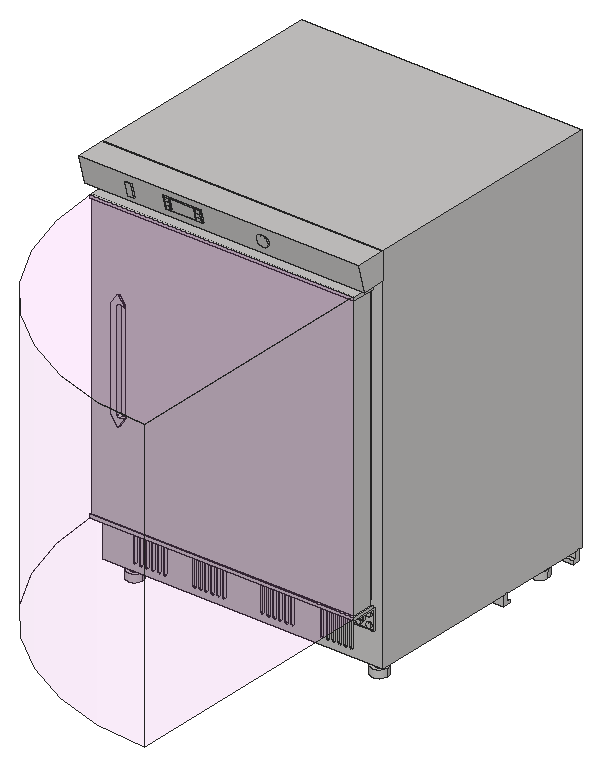
Revit family "QF_Kelvinator_738323_KCHUC23R_1-Solid_Door_ADA_Height_Under_Counter_Refrigerator_24_Long", category Specialty Equipment, Revit 2021
Family settings
  Round Connector Dimension = Use Diameter
  Part Type = Normal
  Work Plane-Based = No
  Always vertical = Yes
  Cut with Voids When Loaded = No
  Shared = No
  Room Calculation Point = No
Parameters
  Weight in Pounds = 92.594
  Watts = 200 W
  Volts = 115 V
  URL Cutsheet = ""
  Specification by User = ""
  Specification by Manufacturer = ""
  Serial Number = ""
  Seismic Rating = ""
  SMACNA No = ""
  Revision Code = ""
  Refrigerant Type = "R600a"
  Phase = 1
  Number of Poles = 1
  NAFEM Spec ID Number = ""
  Model = "738323 (KCHUC23R)"
  Min Ckt Ampacity = 0 A
  Max Overcurrent Protection = 0 A
  Masterspec = ""
  Manufacturer = "Kelvinator Commercial"
  Length = 23.622"
  Item Number = "738323"
  Installed By = ""
  Identify Quantity as Lot = yes
  Height = 33 1/16"
  HP = "1/12"
  Furnished By = ""
  Foodservice Equipment Identifier = yes
  FL Amps = 2 A
  Electrical Remarks = ""
  Electric Connection Type = ""
  Elec Conn RI Height = 0"
  Elec Conn Connection Height = 0"
  Description = "1_Solid Door ADA Height Under Counter Refrigerator 24\" Long"
  Depth = 23.425"
  Default Elevation = 0"
  Cycle = 60 Hz
  Conn Plug = "5-15P"
  Conn Conduit = yes
  CSI MasterFormat = ""
  Apparent Power = 0 VA
Reference planes (in)
  plane 1 "BACK": y = 0
  plane 2: z = 0
  plane 3 "LEFT": x = 0
  plane 4 "RIGHT": x = 23.622
  plane 5 "FRONT": y = -23.425
  plane 6 "TOP": z = 33.0625
  plane 7 "Center Y": x = 11.811
  plane 8 "Center X": y = -11.7125
Dimensions and locks (in)
  equal spacing: plane 3 "LEFT", plane 7 "Center Y", plane 4 "RIGHT"
  "Length": plane 3 "LEFT" to plane 4 "RIGHT"
  equal spacing: plane 5 "FRONT", plane 8 "Center X", plane 1 "BACK"
  "Depth": plane 5 "FRONT" to plane 1 "BACK"
  "Height": plane 6 "TOP" to level
  aligned and locked: level to plane 2
Nested families (in)
  nested 1: "KCHRI25R1DRE" at (0, 0, 0), type "KCHRI25R1DRE"
    with Show Clearance yes
Connectors (in)
  electrical at (11.8125, 0.13, 2.5), driven by "Volts", driven by "Watts"
    settings: on nested 1, index 1, voltage 115 V, apparent load 200 VA, apparent load phase1 0 VA, apparent load phase2 0 VA, apparent load phase3 0 VA, power factor 1, load classification "Other", number of poles 1, system type 30, power factor state 1, is connector primary yes, connector utility no, sub classification motor no, connector description ""
Definition of nested family "KCHRI25R1DRE"
  Parameters (values of type "KCHRI25R1DRE")
    Weight in Pounds = 0
    URL Cutsheet = ""
    Specification by User = ""
    Specification by Manufacturer = ""
    Show Clearance [instance] = yes
    Serial Number = ""
    Seismic Rating = ""
    SMACNA No = ""
    Revision Code = ""
    NAFEM Spec ID Number = ""
    Masterspec = ""
    Length = 23 5/8"
    Item Number = ""
    Installed By = ""
    Identify Quantity as Lot = yes
    Height = 33 1/16"
    Furnished By = ""
    Foodservice Equipment Identifier = yes
    Depth = 23 7/16"
    Default Elevation = 0"
    CSI MasterFormat = ""
  Reference planes (in)
    plane 1 "BACK": y = 0
    plane 2: z = 0
    plane 3 "LEFT": x = 0
    plane 4 "RIGHT": x = 23.625
    plane 5 "FRONT": y = -23.4375
    plane 6 "TOP": z = 33.0625
    plane 7 "Center Y": x = 11.8125
    plane 8 "Center X": y = -11.71875
    plane 9: y = -45.07
    plane 10: z = 30.79125
    plane 11: z = 2
    plane 12: y = -20.9
    plane 13: through (0, -24.0379, 35.3373) normal (0, 0.9659, 0.2588)
  Forms (in)
    Extrusion 1, solid
      sketch origin (0, 0, 0) x (0, 1, 0) y (0, 0, 1)
        loop
          line (-20.9, 33.0625) -> (-20.9, 1.5) -> (0, 1.5) -> (0, 33.0625) -> (-20.9, 33.0625)
      from 0 to 23.625
    Extrusion 2, solid
      sketch origin (0, -24.06217, 35.42785) x (0, -0.258819, 0.965926) y (1, 0, 0)
        loop
          line (-3.01321, 6.99749) -> (-3.01321, 10.1471) -> (-4.19431, 10.1471) -> (-4.19431, 6.99749) -> (-3.01321, 6.99749)
        loop
          line (-3.08986, 7.07623) -> (-3.08986, 7.46993) -> (-3.409, 7.46993) -> (-3.409, 7.07623) -> (-3.08986, 7.07623)
        loop
          line (-3.44419, 7.07623) -> (-3.44419, 7.46993) -> (-3.76333, 7.46993) -> (-3.76333, 7.07623) -> (-3.44419, 7.07623)
        loop
          line (-3.79852, 7.07623) -> (-3.79852, 7.46993) -> (-4.11766, 7.46993) -> (-4.11766, 7.07623) -> (-3.79852, 7.07623)
        loop
          line (-3.08986, 10.06836) -> (-3.409, 10.06836) -> (-3.409, 9.67466) -> (-3.08986, 9.67466) -> (-3.08986, 10.06836)
        loop
          line (-3.44419, 10.06836) -> (-3.76333, 10.06836) -> (-3.76333, 9.67466) -> (-3.44419, 9.67466) -> (-3.44419, 10.06836)
        loop
          line (-3.79852, 10.06836) -> (-4.11766, 10.06836) -> (-4.11766, 9.67466) -> (-3.79852, 9.67466) -> (-3.79852, 10.06836)
        loop
          line (-3.08986, 7.54742) -> (-3.08986, 9.59717) -> (-4.11377, 9.59717) -> (-4.11377, 7.54742) -> (-3.08986, 7.54742)
      from -0.01314 to -0.04602
    Extrusion 3, solid
      sketch origin (0, -24.06217, 35.42785) x (0, -0.258819, 0.965926) y (1, 0, 0)
        loop
          line (-3.08986, 9.67466) -> (-3.08986, 10.06836) -> (-3.409, 10.06836) -> (-3.409, 9.67466) -> (-3.08986, 9.67466)
        loop
          line (-3.44419, 9.67466) -> (-3.44419, 10.06836) -> (-3.76333, 10.06836) -> (-3.76333, 9.67466) -> (-3.44419, 9.67466)
        loop
          line (-3.79852, 9.67466) -> (-3.79852, 10.06836) -> (-4.11766, 10.06836) -> (-4.11766, 9.67466) -> (-3.79852, 9.67466)
        loop
          line (-3.08986, 7.46993) -> (-3.409, 7.46993) -> (-3.409, 7.07623) -> (-3.08986, 7.07623) -> (-3.08986, 7.46993)
        loop
          line (-3.44419, 7.46993) -> (-3.76333, 7.46993) -> (-3.76333, 7.07623) -> (-3.44419, 7.07623) -> (-3.44419, 7.46993)
        loop
          line (-3.79852, 7.46993) -> (-4.11766, 7.46993) -> (-4.11766, 7.07623) -> (-3.79852, 7.07623) -> (-3.79852, 7.46993)
      from 0 to -0.07874
    Extrusion 4, solid
      sketch origin (0, -24.06217, 35.42785) x (0, -0.258819, 0.965926) y (1, 0, 0)
        loop
          line (-3.08986, 7.54742) -> (-3.08986, 9.59717) -> (-4.11377, 9.59717) -> (-4.11377, 7.54742) -> (-3.08986, 7.54742)
      from 0 to -0.07874
    Extrusion 5, solid
      sketch origin (0, 0, -4.4425) x (0, 1, 0) y (0, 0, 1)
        loop
          line (-20.9, 37.505) -> (-23.4375, 37.505) -> (-22.83729, 35.23375) -> (-20.9, 35.23375) -> (-20.9, 37.505)
      from 0 to 23.625
    Extrusion 6, solid
      sketch origin (0, -23.70629, 34.09971) x (0, -0.258819, 0.965926) y (1, 0, 0)
        loop
          line (-1.71796, 3.80686) -> (-1.71796, 4.30686) -> (-2.96796, 4.30686) -> (-2.96796, 3.80686) -> (-1.71796, 3.80686)
        loop
          circle (-2.26997, 15.28125) r 0.5
      from -0.07874 to -0.01314
    Extrusion 7, void
      sketch origin (0, -20.9, 1.75) x (0, 0, -1) y (-1, 0, 0)
        loop
          line (-0.5, -2.59375) -> (-3.3125, -2.59375)
          arc (-3.3125, -2.59375) -> (-3.47585, -2.7571) -> (-3.3125, -2.92044) r 0.16335
          line (-3.3125, -2.92044) -> (-0.5, -2.92044)
          arc (-0.5, -2.92044) -> (-0.33665, -2.7571) -> (-0.5, -2.59375) r 0.16335
        loop
          line (-0.5, -3.09375) -> (-3.3125, -3.09375)
          arc (-3.3125, -3.09375) -> (-3.47585, -3.2571) -> (-3.3125, -3.42044) r 0.16335
          line (-3.3125, -3.42044) -> (-0.5, -3.42044)
          arc (-0.5, -3.42044) -> (-0.33665, -3.2571) -> (-0.5, -3.09375) r 0.16335
        loop
          line (-0.5, -3.59375) -> (-3.3125, -3.59375)
          arc (-3.3125, -3.59375) -> (-3.47585, -3.7571) -> (-3.3125, -3.92044) r 0.16335
          line (-3.3125, -3.92044) -> (-0.5, -3.92044)
          arc (-0.5, -3.92044) -> (-0.33665, -3.7571) -> (-0.5, -3.59375) r 0.16335
        loop
          line (-0.5, -4.09375) -> (-3.3125, -4.09375)
          arc (-3.3125, -4.09375) -> (-3.47585, -4.2571) -> (-3.3125, -4.42044) r 0.16335
          line (-3.3125, -4.42044) -> (-0.5, -4.42044)
          arc (-0.5, -4.42044) -> (-0.33665, -4.2571) -> (-0.5, -4.09375) r 0.16335
        loop
          line (-0.5, -4.59375) -> (-3.3125, -4.59375)
          arc (-3.3125, -4.59375) -> (-3.47585, -4.7571) -> (-3.3125, -4.92044) r 0.16335
          line (-3.3125, -4.92044) -> (-0.5, -4.92044)
          arc (-0.5, -4.92044) -> (-0.33665, -4.7571) -> (-0.5, -4.59375) r 0.16335
        loop
          line (-0.5, -5.09375) -> (-3.3125, -5.09375)
          arc (-3.3125, -5.09375) -> (-3.47585, -5.2571) -> (-3.3125, -5.42044) r 0.16335
          line (-3.3125, -5.42044) -> (-0.5, -5.42044)
          arc (-0.5, -5.42044) -> (-0.33665, -5.2571) -> (-0.5, -5.09375) r 0.16335
        loop
          line (-0.5, -7.59375) -> (-3.3125, -7.59375)
          arc (-3.3125, -7.59375) -> (-3.47585, -7.7571) -> (-3.3125, -7.92044) r 0.16335
          line (-3.3125, -7.92044) -> (-0.5, -7.92044)
          arc (-0.5, -7.92044) -> (-0.33665, -7.7571) -> (-0.5, -7.59375) r 0.16335
        loop
          line (-0.5, -8.09375) -> (-3.3125, -8.09375)
          arc (-3.3125, -8.09375) -> (-3.47585, -8.2571) -> (-3.3125, -8.42044) r 0.16335
          line (-3.3125, -8.42044) -> (-0.5, -8.42044)
          arc (-0.5, -8.42044) -> (-0.33665, -8.2571) -> (-0.5, -8.09375) r 0.16335
        loop
          line (-0.5, -8.59375) -> (-3.3125, -8.59375)
          arc (-3.3125, -8.59375) -> (-3.47585, -8.7571) -> (-3.3125, -8.92044) r 0.16335
          line (-3.3125, -8.92044) -> (-0.5, -8.92044)
          arc (-0.5, -8.92044) -> (-0.33665, -8.7571) -> (-0.5, -8.59375) r 0.16335
        loop
          line (-0.5, -9.09375) -> (-3.3125, -9.09375)
          arc (-3.3125, -9.09375) -> (-3.47585, -9.2571) -> (-3.3125, -9.42044) r 0.16335
          line (-3.3125, -9.42044) -> (-0.5, -9.42044)
          arc (-0.5, -9.42044) -> (-0.33665, -9.2571) -> (-0.5, -9.09375) r 0.16335
        loop
          line (-0.5, -9.59375) -> (-3.3125, -9.59375)
          arc (-3.3125, -9.59375) -> (-3.47585, -9.7571) -> (-3.3125, -9.92044) r 0.16335
          line (-3.3125, -9.92044) -> (-0.5, -9.92044)
          arc (-0.5, -9.92044) -> (-0.33665, -9.7571) -> (-0.5, -9.59375) r 0.16335
        loop
          line (-0.5, -10.09375) -> (-3.3125, -10.09375)
          arc (-3.3125, -10.09375) -> (-3.47585, -10.2571) -> (-3.3125, -10.42044) r 0.16335
          line (-3.3125, -10.42044) -> (-0.5, -10.42044)
          arc (-0.5, -10.42044) -> (-0.33665, -10.2571) -> (-0.5, -10.09375) r 0.16335
        loop
          arc (-0.5, -21.15625) -> (-0.33665, -20.9929) -> (-0.5, -20.82956) r 0.16335
          line (-0.5, -20.82956) -> (-3.3125, -20.82956)
          arc (-3.3125, -20.82956) -> (-3.47585, -20.9929) -> (-3.3125, -21.15625) r 0.16335
          line (-3.3125, -21.15625) -> (-0.5, -21.15625)
        loop
          arc (-0.5, -20.65625) -> (-0.33665, -20.4929) -> (-0.5, -20.32956) r 0.16335
          line (-0.5, -20.32956) -> (-3.3125, -20.32956)
          arc (-3.3125, -20.32956) -> (-3.47585, -20.4929) -> (-3.3125, -20.65625) r 0.16335
          line (-3.3125, -20.65625) -> (-0.5, -20.65625)
        loop
          arc (-0.5, -20.15625) -> (-0.33665, -19.9929) -> (-0.5, -19.82956) r 0.16335
          line (-0.5, -19.82956) -> (-3.3125, -19.82956)
          arc (-3.3125, -19.82956) -> (-3.47585, -19.9929) -> (-3.3125, -20.15625) r 0.16335
          line (-3.3125, -20.15625) -> (-0.5, -20.15625)
        loop
          arc (-0.5, -19.65625) -> (-0.33665, -19.4929) -> (-0.5, -19.32956) r 0.16335
          line (-0.5, -19.32956) -> (-3.3125, -19.32956)
          arc (-3.3125, -19.32956) -> (-3.47585, -19.4929) -> (-3.3125, -19.65625) r 0.16335
          line (-3.3125, -19.65625) -> (-0.5, -19.65625)
        loop
          arc (-0.5, -19.15625) -> (-0.33665, -18.9929) -> (-0.5, -18.82956) r 0.16335
          line (-0.5, -18.82956) -> (-3.3125, -18.82956)
          arc (-3.3125, -18.82956) -> (-3.47585, -18.9929) -> (-3.3125, -19.15625) r 0.16335
          line (-3.3125, -19.15625) -> (-0.5, -19.15625)
        loop
          arc (-0.5, -18.65625) -> (-0.33665, -18.4929) -> (-0.5, -18.32956) r 0.16335
          line (-0.5, -18.32956) -> (-3.3125, -18.32956)
          arc (-3.3125, -18.32956) -> (-3.47585, -18.4929) -> (-3.3125, -18.65625) r 0.16335
          line (-3.3125, -18.65625) -> (-0.5, -18.65625)
        loop
          arc (-0.5, -16.15625) -> (-0.33665, -15.9929) -> (-0.5, -15.82956) r 0.16335
          line (-0.5, -15.82956) -> (-3.3125, -15.82956)
          arc (-3.3125, -15.82956) -> (-3.47585, -15.9929) -> (-3.3125, -16.15625) r 0.16335
          line (-3.3125, -16.15625) -> (-0.5, -16.15625)
        loop
          arc (-0.5, -15.65625) -> (-0.33665, -15.4929) -> (-0.5, -15.32956) r 0.16335
          line (-0.5, -15.32956) -> (-3.3125, -15.32956)
          arc (-3.3125, -15.32956) -> (-3.47585, -15.4929) -> (-3.3125, -15.65625) r 0.16335
          line (-3.3125, -15.65625) -> (-0.5, -15.65625)
        loop
          arc (-0.5, -15.15625) -> (-0.33665, -14.9929) -> (-0.5, -14.82956) r 0.16335
          line (-0.5, -14.82956) -> (-3.3125, -14.82956)
          arc (-3.3125, -14.82956) -> (-3.47585, -14.9929) -> (-3.3125, -15.15625) r 0.16335
          line (-3.3125, -15.15625) -> (-0.5, -15.15625)
        loop
          arc (-0.5, -14.65625) -> (-0.33665, -14.4929) -> (-0.5, -14.32956) r 0.16335
          line (-0.5, -14.32956) -> (-3.3125, -14.32956)
          arc (-3.3125, -14.32956) -> (-3.47585, -14.4929) -> (-3.3125, -14.65625) r 0.16335
          line (-3.3125, -14.65625) -> (-0.5, -14.65625)
        loop
          arc (-0.5, -14.15625) -> (-0.33665, -13.9929) -> (-0.5, -13.82956) r 0.16335
          line (-0.5, -13.82956) -> (-3.3125, -13.82956)
          arc (-3.3125, -13.82956) -> (-3.47585, -13.9929) -> (-3.3125, -14.15625) r 0.16335
          line (-3.3125, -14.15625) -> (-0.5, -14.15625)
        loop
          arc (-0.5, -13.65625) -> (-0.33665, -13.4929) -> (-0.5, -13.32956) r 0.16335
          line (-0.5, -13.32956) -> (-3.3125, -13.32956)
          arc (-3.3125, -13.32956) -> (-3.47585, -13.4929) -> (-3.3125, -13.65625) r 0.16335
          line (-3.3125, -13.65625) -> (-0.5, -13.65625)
      from 0 to 0.03
    Extrusion 8, solid
      sketch origin (0, 0, 0) x (0, 1, 0) y (0, 0, 1)
        loop
          line (-0.25, 1.5) -> (-0.55, 1.5) -> (-0.55, 0.9) -> (-0.85, 0.9) -> (-0.85, 0.6) -> (-0.25, 0.6) -> (-0.25, 1.5)
        loop
          line (-8.15042, 1.5) -> (-8.15042, 0.6) -> (-7.55042, 0.6) -> (-7.55042, 0.9) -> (-7.85042, 0.9) -> (-7.85042, 1.5) -> (-8.15042, 1.5)
      from 0 to 23.625
    Extrusion 9, solid
      sketch origin (11.8125, 6.90541, 48.75) x (0, 1, 0) y (0, 0, 1)
        loop
          line (-28.19541, -18.9375) -> (-28.19541, -42.37723) -> (-27.80541, -42.37723) -> (-27.80541, -18.9375) -> (-28.19541, -18.9375)
      from -10.75 to 10.75
    Extrusion 10, solid
      sketch origin (23.225, -180, 5.74631) x (0, 0, 1) y (0, -1, 0)
        loop
          arc (0.13369, -157.43003) -> (0.06869, -157.36503) -> (0.00369, -157.43003) r 0.065
          line (0.00369, -157.43003) -> (0.00369, -158.97) -> (-1.53049, -158.97)
          arc (-1.53049, -158.97) -> (-1.59549, -159.035) -> (-1.53049, -159.1) r 0.065
          line (-1.53049, -159.1) -> (0.13369, -159.1) -> (0.13369, -157.43003)
      from -0.28875 to -1.93696
    Extrusion 11, solid
      sketch origin (23.225, -21.03, 5.88) x (0, 0, -1) y (1, 0, 0)
        loop
          circle (0.48805, -0.65854) r 0.19641
        loop
          circle (0.48805, -1.51195) r 0.2
        loop
          circle (1.33739, -0.65854) r 0.2
        loop
          circle (1.33739, -1.51195) r 0.2
        loop
          line (1.13, -1.16094) -> (1.13, -1.06477) -> (0.13, -1.06477) -> (0.13, -1.16094) -> (1.13, -1.16094)
      from 0 to 0.0825
    Extrusion 12, solid
      sketch origin (0, -20.9, 2.25) x (0, 0, 1) y (-1, 0, 0)
        loop
          circle (3.14195, -1.05854) r 0.19641
        loop
          circle (3.14195, -1.91195) r 0.2
        loop
          circle (2.29261, -1.05854) r 0.2
        loop
          circle (2.29261, -1.91195) r 0.2
      from 0 to 0.0825
    Revolve 13, solid
      sketch origin (0, -19.42, 1.5) x (0, 0, 1) y (1, 0, 0)
        loop
          line (0, 22.125) -> (0, 22.4375) -> (-0.9, 22.4375) -> (-0.9, 22.8125) -> (-1.5, 22.8125) -> (-1.5, 22.125) -> (0, 22.125)
        axis (-1.5, 22.125) -> (0, 22.125)
      angle from 0 to 360
    Revolve 14, solid
      sketch origin (23.625, -19.42, 1.5) x (0, 0, 1) y (1, 0, 0)
        loop
          line (0, -22.125) -> (-1.5, -22.125) -> (-1.5, -22.8125) -> (-0.9, -22.8125) -> (-0.9, -22.4375) -> (0, -22.4375) -> (0, -22.125)
        axis (-1.5, -22.125) -> (0, -22.125)
      angle from 0 to 360
    Revolve 15, solid
      sketch origin (0, -2.5, 1.5) x (0, 0, 1) y (-1, 0, 0)
        loop
          line (0, -22.125) -> (-1.5, -22.125) -> (-1.5, -22.8125) -> (-0.9, -22.8125) -> (-0.9, -22.4375) -> (0, -22.4375) -> (0, -22.125)
        axis (-1.5, -22.125) -> (0, -22.125)
      angle from 0 to 360
    Revolve 16, solid
      sketch origin (23.625, -2.5, 1.5) x (0, 0, 1) y (-1, 0, 0)
        loop
          line (0, 22.125) -> (0, 22.4375) -> (-0.9, 22.4375) -> (-0.9, 22.8125) -> (-1.5, 22.8125) -> (-1.5, 22.125) -> (0, 22.125)
        axis (-1.5, 22.125) -> (0, 22.125)
      angle from 0 to 360
    Extrusion 17, solid
      sketch origin (0, 0, 33.0625) x (0, 0, -1) y (-1, 0, 0)
        loop
          circle (30.5625, -11.8125) r 0.25
      from 0 to 0.13
  Cuts and joins
    Extrusion 7 cuts Extrusion 5
    Extrusion 7 cuts Extrusion 1
  Lines and regions (in)
    symbolic lines
      curve 1: line (0, -23.4375, 0) -> (0, 0, 0)
      curve 2: line (23.625, 0, 0) -> (0, 0, 0)
      curve 3: line (23.625, -23.4375, 0) -> (23.625, 0, 0)
      curve 4: line (23.625, -20.9, 0) -> (0, -20.9, 0)
      curve 5: line (0, -23.4375, 0) -> (23.625, -23.4375, 0)
      curve 6: line (3.80686, -23.4975, 0) -> (4.30686, -23.4975, 0)
      curve 7: line (4.30686, -23.4975, 0) -> (4.30686, -23.4375, 0)
      curve 8: line (3.80686, -23.4975, 0) -> (3.80686, -23.4375, 0)
      curve 9: line (6.65374, -23.48352, 0) -> (9.80335, -23.48352, 0)
      curve 10: line (9.80335, -23.48352, 0) -> (9.80335, -23.4375, 0)
      curve 11: line (6.65374, -23.48352, 0) -> (6.65374, -23.4375, 0)
      curve 12: line (11.3125, -23.4975, 0) -> (12.3125, -23.4975, 0)
      curve 13: line (12.3125, -23.4975, 0) -> (12.3125, -23.4375, 0)
      curve 14: line (11.3125, -23.4975, 0) -> (11.3125, -23.4375, 0)
  Dimensions and locks (in)
    equal spacing: plane 3 "LEFT", plane 7 "Center Y", plane 4 "RIGHT"
    "Length": plane 3 "LEFT" to plane 4 "RIGHT"
    equal spacing: plane 5 "FRONT", plane 8 "Center X", plane 1 "BACK"
    "Depth": plane 5 "FRONT" to plane 1 "BACK"
    "Height": plane 6 "TOP" to level
    plane 9 to plane 1 "BACK" = 45.07"
    plane 6 "TOP" to level = 33 1/16"
    plane 3 "LEFT" to plane 4 "RIGHT" = 23 5/8"
    plane 5 "FRONT" to plane 1 "BACK" = 23 7/16"
    plane 12 to plane 1 "BACK" = 20.9"
    aligned and locked: level to plane 2
    aligned and locked: Extrusion 8 to plane 4 "RIGHT"
  Automatic sketch dimensions
    Extrusion 1 sketch curve to plane 12 = 0"
    Extrusion 1 sketch curve to plane 1 "BACK" = 0"
    Extrusion 1 sketch curve to plane 6 "TOP" = 0"
    level to Extrusion 1 sketch curve = 1 1/2"
    Extrusion 2 sketch curve to plane 7 "Center Y" = 4.81501"
    Extrusion 2 sketch curve to Extrusion 2 sketch curve = 0.07665"  (x3)
    Extrusion 2 sketch curve to Extrusion 2 sketch curve = 1/256"
    Extrusion 2 sketch curve to Extrusion 2 sketch curve = 0.31914"  (x6)
    Extrusion 2 sketch curve to Extrusion 2 sketch curve = 0.03519"  (x4)
    Extrusion 2 sketch curve to Extrusion 2 sketch curve = 0"  (x7)
    Extrusion 2 sketch curve to Extrusion 2 sketch curve = 0.07874"  (x3)
    Extrusion 2 sketch curve to Extrusion 2 sketch curve = 0.3937"  (x2)
    Extrusion 2 sketch curve to Extrusion 2 sketch curve = 0.07748"  (x3)
    Extrusion 2 sketch curve to Extrusion 2 sketch curve = 2.04976"
    Extrusion 3 sketch curve to plane 7 "Center Y" = 4.73627"
    Extrusion 3 sketch curve to Extrusion 3 sketch curve = 0"  (x9)
    Extrusion 3 sketch curve to Extrusion 3 sketch curve = 0.31914"  (x6)
    Extrusion 3 sketch curve to Extrusion 3 sketch curve = 0.03519"  (x4)
    Extrusion 3 sketch curve to Extrusion 3 sketch curve = 0.3937"  (x2)
    Extrusion 3 sketch curve to plane 7 "Center Y" = 2.13784"
    Extrusion 4 sketch curve to plane 7 "Center Y" = 4.26508"
    Extrusion 4 sketch curve to Extrusion 4 sketch curve = 1.02391"
    Extrusion 4 sketch curve to Extrusion 4 sketch curve = 2.04976"
    plane 3 "LEFT" to Extrusion 6 sketch curve = 4.30686"
    plane 7 "Center Y" to Extrusion 6 sketch curve = 3 15/32"
    Extrusion 6 sketch curve to Extrusion 6 sketch curve = 0.69799"
    Extrusion 6 sketch curve to Extrusion 6 sketch curve = 1 1/4"
    Extrusion 6 sketch curve to Extrusion 6 sketch curve = 1/2"
    plane 3 "LEFT" to Extrusion 7 sketch curve = 2 19/32"
    level to Extrusion 7 sketch curve = 5 1/16"  (x2)
    plane 7 "Center Y" to Extrusion 7 sketch curve = 1.6804"
    Extrusion 7 sketch curve to Extrusion 7 sketch curve = 0"  (x42)
    Extrusion 7 sketch curve to Extrusion 7 sketch curve = 2 13/16"  (x4)
    Extrusion 7 sketch curve to Extrusion 7 sketch curve = 0.16335"  (x23)
    Extrusion 7 sketch curve to Extrusion 7 sketch curve = 0.17331"  (x20)
    Extrusion 7 sketch curve to Extrusion 7 sketch curve = 2.17331"  (x2)
    Extrusion 7 sketch curve to plane 7 "Center Y" = 1.39206"
    level to Extrusion 8 sketch curve = 1 1/2"  (x2)
    plane 8 "Center X" to Extrusion 8 sketch curve = 3.56833"
    Extrusion 8 sketch curve to Extrusion 8 sketch curve = 0.3"  (x5)
    plane 1 "BACK" to Extrusion 8 sketch curve = 0.85"
    plane 1 "BACK" to Extrusion 8 sketch curve = 1/4"
    Extrusion 8 sketch curve to Extrusion 8 sketch curve = 0.6"  (x2)
    Extrusion 9 sketch curve to plane 12 = 0"
    Extrusion 9 sketch curve to Extrusion 9 sketch curve = 0.39"
    level to Extrusion 9 sketch curve = 6.37277"
    Extrusion 9 sketch curve to plane 6 "TOP" = 3 1/4"
    Extrusion 10 sketch curve to plane 12 = 0"
    Extrusion 10 sketch curve to plane 12 = 0.13"
    level to Extrusion 10 sketch curve = 4.21581"
    Extrusion 10 sketch curve to Extrusion 10 sketch curve = 1.53419"
    Extrusion 10 sketch curve to Extrusion 10 sketch curve = 0.065"
    Extrusion 10 sketch curve to plane 5 "FRONT" = 0.86753"
    Extrusion 11 sketch curve to Extrusion 10 = 0"
    Extrusion 10 to Extrusion 11 sketch curve = 0.35805"  (x2)
    Extrusion 11 sketch curve to Extrusion 10 = 0.53419"
    Extrusion 11 sketch curve to Extrusion 10 = 0.3268"  (x2)
    Extrusion 10 to Extrusion 11 sketch curve = 0.42502"  (x2)
    Extrusion 11 sketch curve to Extrusion 11 sketch curve = 0.351"
    Extrusion 11 sketch curve to Extrusion 11 sketch curve = 0.09617"
    Extrusion 10 to Extrusion 11 sketch curve = 0.36979"  (x2)
    Extrusion 1 to Extrusion 12 sketch curve = 1.05854"
    Extrusion 12 sketch curve to Extrusion 1 = 3.04261"
    Extrusion 12 sketch curve to Extrusion 12 sketch curve = 0"  (x3)
    Extrusion 12 sketch curve to Extrusion 12 sketch curve = 0.84934"  (x2)
    Extrusion 12 sketch curve to Extrusion 12 sketch curve = 0.8534"
    Revolve 13 sketch curve to level = 0"  (x2)
    level to Revolve 13 sketch curve = 0.6"
    Revolve 13 sketch curve to Revolve 13 sketch curve = 0.9"
    plane 4 "RIGHT" to Revolve 13 sketch curve = 1 1/2"
    Revolve 13 sketch curve to Revolve 13 sketch curve = 5/16"
    Revolve 13 sketch curve to Revolve 13 sketch curve = 11/16"
    Revolve 13 sketch curve to Revolve 13 sketch curve = 0.36907"
    Revolve 13 sketch curve to Revolve 13 sketch curve = 0"
    Revolve 14 sketch curve to level = 0"  (x2)
    level to Revolve 14 sketch curve = 0.6"
    Revolve 14 sketch curve to Revolve 14 sketch curve = 0.9"
    plane 3 "LEFT" to Revolve 14 sketch curve = 13/16"
    Revolve 14 sketch curve to Revolve 14 sketch curve = 3/8"
    Revolve 14 sketch curve to Revolve 14 sketch curve = 5/16"
    Revolve 14 sketch curve to Revolve 14 sketch curve = 0.36907"
    Revolve 14 sketch curve to Revolve 14 sketch curve = 0"
    Revolve 15 sketch curve to level = 0"  (x2)
    level to Revolve 15 sketch curve = 0.6"
    Revolve 15 sketch curve to Revolve 15 sketch curve = 0.9"
    plane 4 "RIGHT" to Revolve 15 sketch curve = 13/16"
    Revolve 15 sketch curve to Revolve 15 sketch curve = 3/8"
    Revolve 15 sketch curve to Revolve 15 sketch curve = 5/16"
    Revolve 15 sketch curve to Revolve 15 sketch curve = 0.36907"
    Revolve 15 sketch curve to Revolve 15 sketch curve = 0"
    Revolve 16 sketch curve to level = 0"  (x2)
    level to Revolve 16 sketch curve = 0.6"
    Revolve 16 sketch curve to Revolve 16 sketch curve = 0.9"
    plane 3 "LEFT" to Revolve 16 sketch curve = 1 1/2"
    Revolve 16 sketch curve to Revolve 16 sketch curve = 5/16"
    Revolve 16 sketch curve to Revolve 16 sketch curve = 11/16"
    Revolve 16 sketch curve to Revolve 16 sketch curve = 0.36907"
    Revolve 16 sketch curve to Revolve 16 sketch curve = 0"
    plane 1 "BACK" to curve 1 = 0"
    curve 1 to plane 3 "LEFT" = 0"
    plane 5 "FRONT" to curve 8 = 0"
    curve 3 to plane 4 "RIGHT" = 0"
    curve 4 to plane 12 = 0"
    plane 5 "FRONT" to curve 6 = 0.06"
    plane 3 "LEFT" to curve 6 = 3.80686"
    curve 6 to curve 7 = 1/2"
    plane 5 "FRONT" to curve 9 = 0.04602"
    curve 6 to curve 9 = 2.34688"
    curve 10 to plane 7 "Center Y" = 2.00915"
    plane 5 "FRONT" to curve 14 = 0.06"
    curve 14 to plane 7 "Center Y" = 1/2"
    plane 7 "Center Y" to curve 13 = 1/2"
    Extrusion 5 sketch curve to plane 5 "FRONT" = 0"
    Extrusion 5 sketch curve to plane 10 = 0"
    Extrusion 5 sketch curve to plane 6 "TOP" = 0"
    Extrusion 5 sketch curve to plane 12 = 0"
    Extrusion 5 sketch curve to plane 5 "FRONT" = 0.60021"
    Extrusion 1 to Extrusion 17 sketch curve = 1"
    Extrusion 1 to Extrusion 17 sketch curve = 11 13/16"
    radius of Extrusion 6 sketch curve = 1/2"
    radius of Extrusion 11 sketch curve = 0.19641"
    radius of Extrusion 11 sketch curve = 0.2"  (x3)
    radius of Extrusion 12 sketch curve = 0.19641"
    radius of Extrusion 12 sketch curve = 0.2"  (x3)
    radius of Extrusion 17 sketch curve = 1/4"
  Nested families (in)
    nested 1: "Family4" at (0.7825, -21.29, 5.88), Show Clearance <- "Show Clearance", type "Family4"
  Definition of nested family "Family4"
    Parameters (values of type "Family4")
      Weight in Pounds = 0
      URL Cutsheet = ""
      Specification by User = ""
      Specification by Manufacturer = ""
      Show Clearance [instance] = yes
      Serial Number = ""
      Seismic Rating = ""
      SMACNA No = ""
      Revision Code = ""
      NAFEM Spec ID Number = ""
      Masterspec = ""
      Length = 22.06"
      Item Number = ""
      Installed By = ""
      Identify Quantity as Lot = yes
      Height = 24 51/128"
      Furnished By = ""
      Foodservice Equipment Identifier = yes
      Depth = 1.72"
      Default Elevation = 0"
      CSI MasterFormat = ""
    Reference planes (in)
      plane 1 "BACK": y = 0
      plane 2: z = 0
      plane 3 "LEFT": x = 0
      plane 4 "RIGHT": x = 22.06
      plane 5 "FRONT": y = -1.72
      plane 6 "TOP": z = 24.39844
      plane 7 "Center Y": x = 11.03
      plane 8 "Center X": y = -0.86
      plane 9: y = -2.27
    Forms (in)
      Extrusion 1, solid
        sketch origin (0, 0, 0) x (1, 0, 0) y (0, 0, 1)
          loop
            line (0, 24.39844) -> (0, 0) -> (22.06, 0) -> (22.06, 24.39844) -> (0, 24.39844)
        from 0 to 1.72
      Extrusion 2, void
        sketch origin (0, -1.72, -17.62578) x (-1, 0, 0) y (0, 0, 1)
          loop
            line (-1.94791, 26.10318) -> (-1.94791, 34.45318) -> (-2.28604, 34.99418)
            arc (-2.28604, 34.99418) -> (-2.38541, 35.04926) -> (-2.48479, 34.99418) r 0.11719
            line (-2.48479, 34.99418) -> (-2.82291, 34.45318) -> (-2.82291, 26.10318) -> (-2.48621, 25.56446)
            arc (-2.48621, 25.56446) -> (-2.38541, 25.50859) -> (-2.28462, 25.56446) r 0.11887
            line (-2.28462, 25.56446) -> (-1.94791, 26.10318)
        from 0 to 0.31887
      Extrusion 3, solid
        sketch origin (-10.88143, -0.86, 48) x (-1, 0, 0) y (0, 0, 1)
          loop
            line (-10.78768, -23.60156) -> (-33.03518, -23.60156) -> (-33.03518, -23.85156) -> (-10.78768, -23.85156) -> (-10.78768, -23.60156)
          loop
            line (-10.78768, -48) -> (-10.78768, -47.75) -> (-33.03518, -47.75) -> (-33.03518, -48) -> (-10.78768, -48)
        from -1 to 1
      Extrusion 4, solid
        sketch origin (0, -1.40113, -17.62578) x (1, 0, 0) y (0, 0, 1)
          loop
            arc (2.35979, 35.19418) -> (2.26041, 35.24926) -> (2.16104, 35.19418) r 0.11719
            line (2.16104, 35.19418) -> (1.69791, 34.45318) -> (1.69791, 26.10316) -> (2.15961, 25.36448)
            arc (2.15961, 25.36448) -> (2.26037, 25.30863) -> (2.36114, 25.36447) r 0.11884
            line (2.36114, 25.36447) -> (2.82291, 26.10316) -> (2.33995, 25.97375) -> (2.16317, 26.15053) -> (2.16317, 34.40581) -> (2.33995, 34.58259) -> (2.82291, 34.45318) -> (2.35979, 35.19418)
        from 0 to 0.45887
      Extrusion 5, solid, visible <- "Show Clearance"
        sketch origin (0, 0, 0) x (1, 0, 0) y (0, 1, 0)
          loop
            arc (0, -1.72) -> (6.46122, -17.31878) -> (22.06, -23.78) r 22.06
            line (22.06, -23.78) -> (22.06, -1.72) -> (0, -1.72)
        from 0 to 24.39844
    Cuts and joins
      Extrusion 2 cuts Extrusion 1
      joined: Extrusion 1, Extrusion 3
    Lines and regions (in)
      symbolic lines, visible <- "Show Clearance"
        curve 1: arc (0.00686, -2.27, 0) -> (0.86335, -7.83111, 0) -> (3.09883, -12.99465, 0) r 22.06
        curve 2: line (21.13504, -2.27, 0) -> (3.09883, -12.99465, 0)
    Dimensions and locks (in)
      equal spacing: plane 3 "LEFT", plane 7 "Center Y", plane 4 "RIGHT"
      "Length": plane 3 "LEFT" to plane 4 "RIGHT"
      equal spacing: plane 5 "FRONT", plane 8 "Center X", plane 1 "BACK"
      "Depth": plane 5 "FRONT" to plane 1 "BACK"
      "Height": plane 6 "TOP" to level
      plane 4 "RIGHT" to plane 3 "LEFT" = 22.06"
      plane 5 "FRONT" to plane 1 "BACK" = 1.72"
      aligned and locked: level to plane 2
    Automatic sketch dimensions
      Extrusion 1 sketch curve to level = 0"
      Extrusion 1 sketch curve to plane 3 "LEFT" = 0"
      plane 4 "RIGHT" to Extrusion 1 sketch curve = 0"
      Extrusion 1 sketch curve to plane 6 "TOP" = 0"
      Extrusion 2 sketch curve to Extrusion 1 = 1.94791"
      Extrusion 2 sketch curve to Extrusion 2 sketch curve = 0.3367"  (x2)
      Extrusion 2 sketch curve to Extrusion 2 sketch curve = 0.33813"
      Extrusion 2 sketch curve to Extrusion 2 sketch curve = 0.1008"  (x2)
      Extrusion 2 sketch curve to Extrusion 2 sketch curve = 0.09937"  (x2)
      Extrusion 2 sketch curve to Extrusion 1 = 7.93868"
      Extrusion 2 sketch curve to Extrusion 2 sketch curve = 0.063"
      Extrusion 2 sketch curve to Extrusion 2 sketch curve = 0.53872"  (x2)
      Extrusion 2 sketch curve to Extrusion 2 sketch curve = 8.35"
      Extrusion 2 sketch curve to Extrusion 2 sketch curve = 0"
      Extrusion 2 sketch curve to Extrusion 2 sketch curve = 0.47889"
      Extrusion 2 sketch curve to Extrusion 2 sketch curve = 0.06211"
      Extrusion 3 sketch curve to plane 6 "TOP" = 0"
      Extrusion 3 sketch curve to level = 0"
      Extrusion 3 sketch curve to plane 4 "RIGHT" = 3/32"  (x2)
      Extrusion 3 sketch curve to plane 3 "LEFT" = 3/32"  (x2)
      level to Extrusion 3 sketch curve = 1/4"
      Extrusion 3 sketch curve to Extrusion 3 sketch curve = 1/4"
      Extrusion 2 to Extrusion 4 sketch curve = 0"  (x2)
      Extrusion 4 sketch curve to Extrusion 2 = 0"  (x2)
      Extrusion 2 to Extrusion 4 sketch curve = 0.41323"
      Extrusion 2 to Extrusion 4 sketch curve = 0.41187"
      Extrusion 2 to Extrusion 4 sketch curve = 0.39204"  (x2)
      Extrusion 4 sketch curve to Extrusion 4 sketch curve = 0.09937"  (x2)
      Extrusion 4 sketch curve to Extrusion 4 sketch curve = 0.10077"  (x2)
      Extrusion 2 to Extrusion 4 sketch curve = 0.21526"
      Extrusion 4 sketch curve to Extrusion 2 = 1/4"
      Extrusion 4 sketch curve to Extrusion 4 sketch curve = 0.04737"  (x4)
      Extrusion 4 sketch curve to Extrusion 4 sketch curve = 8.25528"
      Extrusion 4 sketch curve to Extrusion 4 sketch curve = 0.17678"  (x2)
      Extrusion 4 sketch curve to Extrusion 4 sketch curve = 0.54629"
      Extrusion 4 sketch curve to Extrusion 4 sketch curve = 0.06298"
      Extrusion 4 sketch curve to Extrusion 4 sketch curve = 0.06211"
      Extrusion 5 sketch curve to plane 3 "LEFT" = 0"
      Extrusion 5 sketch curve to plane 4 "RIGHT" = 0"
      plane 5 "FRONT" to Extrusion 5 sketch curve = 0"
      curve 1 to plane 9 = 0"
      curve 2 to plane 9 = 0"
      curve 1 to plane 4 "RIGHT" = 0"
      plane 5 "FRONT" to curve 1 = 0"
      plane 3 "LEFT" to curve 2 = 3.09883"
      curve 2 to plane 9 = 10.72465"
      plane 4 "RIGHT" to curve 2 = 0.92496"
